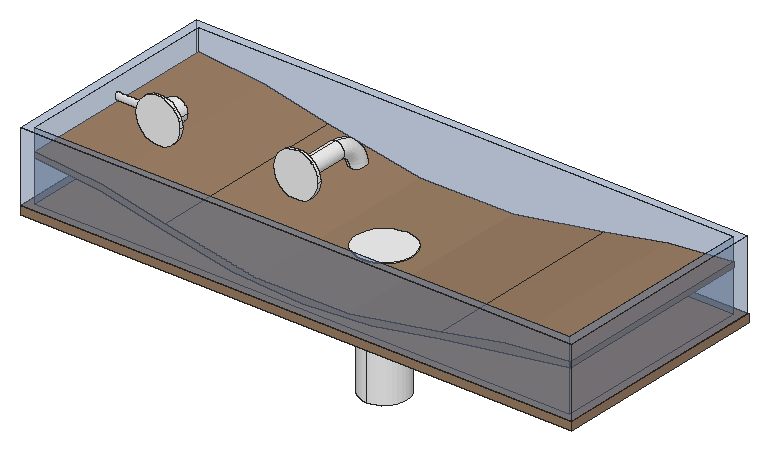
Revit family
Parameters (values of type "1000mm x 400mm")
  Verre = Verre - Bleu givré
  Robinetterie et tuyauterie = Métal - Chrome
  Manufacturer = ""
  Lavabos = Bois - Teck
  Hauteur = 900 mm
Reference planes
  plane 1 "Mur": y = 0
  plane 2 "Centre (gauche/droite)": x = 12.455
  plane 3 "Arrière": y = 75
  plane 4 "Plan de construction": z = 900
  plane 5: x = -487.545
  plane 6: x = 512.455
  plane 7: z = 1140
  plane 8: y = 275
  plane 9: x = -237.545
  plane 10: x = 262.455
  plane 11: y = 475
  plane 12: z = 933.521
  plane 13: z = 923.521
  plane 14: z = 1000
  plane 15: z = 990.007
  plane 16: x = -472.545
  plane 17: x = 497.828
  plane 18: y = 460
  plane 19: y = 90
  plane 20: x = 380.142
  plane 21: x = 137.455
  plane 22: x = -112.545
  plane 23: x = -355.045
  plane 24: z = 989.15
  plane 25: z = 979.229
  plane 26: z = 941.415
  plane 27: z = 931.335
Forms (mm)
  Extrusion 1, solid, material "Verre - Bleu givré" <- "Verre"
    sketch origin (0, 0, 900) x (0, 1, 0) y (-1, 0, 0)
      loop
        line (75, 487.545) -> (75, -512.455) -> (475, -512.455) -> (475, 487.545) -> (75, 487.545)
      loop
        line (460, 472.545) -> (90, 472.545) -> (90, -497.455) -> (460, -497.455) -> (460, 472.545)
    from 13.572 to 140
  Extrusion 2, solid, material "Bois - Teck" <- "Lavabos"
    sketch origin (0, 0, 900) x (0, 1, 0) y (-1, 0, 0)
      loop
        line (475, 487.545) -> (75, 487.545) -> (75, -512.455) -> (475, -512.455) -> (475, 487.545)
    from 0 to 13.572
  Extrusion 3, solid, material "Métal - Chrome" <- "Robinetterie et tuyauterie"
    sketch origin (0, 0, 913.572) x (0, 1, 0) y (-1, 0, 0)
      loop
        circle (275, -12.455) r 50
    from 23.241 to 0
  Sweep 4, solid, material "Métal - Chrome" <- "Robinetterie et tuyauterie"
    path origin (0, 0, 0) x (1, 0, 0) y (0, 0, 1)
      loop
        line (12.455, 900) -> (12.455, 700)
    profile origin (12.455, 0, 800) x (0, -1, 0) y (1, 0, 0)
      loop
        circle (-275, 0) r 40
  Extrusion 5, solid, material "Métal - Chrome" <- "Robinetterie et tuyauterie"
    sketch origin (-5000, 75, 0) x (-1, 0, 0) y (0, 0, 1)
      loop
        circle (-5012.455, 1140) r 40
    from 0 to 5
  Sweep 6, solid, material "Métal - Chrome" <- "Robinetterie et tuyauterie"
    path origin (12.455, 0, 0) x (0, 1, 0) y (0, 0, 1)
      loop
        line (80, 1140) -> (165, 1140)
        arc (165, 1140) -> (197.121, 1128.383) -> (214.381, 1098.908) r 50.217
    profile origin (12.455, 122.5, 1140) x (0, 0, 1) y (1, 0, 0)
      loop
        circle (0, 0) r 15
  Extrusion 7, solid, material "Métal - Chrome" <- "Robinetterie et tuyauterie"
    sketch origin (-5000, 75, 0) x (-1, 0, 0) y (0, 0, 1)
      loop
        circle (-4762.455, 1140) r 40
    from 0 to 5
  Extrusion 8, solid, material "Métal - Chrome" <- "Robinetterie et tuyauterie"
    sketch origin (-5000, 80, 0) x (-1, 0, 0) y (0, 0, 1)
      loop
        circle (-4762.455, 1140) r 20
    from 0 to 36.076
  Sweep 9, solid, material "Métal - Chrome" <- "Robinetterie et tuyauterie"
    path origin (-5000, 75, 0) x (-1, 0, 0) y (0, 0, 1)
      loop
        line (-4762.455, 1140) -> (-4672.455, 1140)
    profile origin (-282.545, 75, 1140) x (0, 0, 1) y (0, 1, 0)
      loop
        spline (-7.06, 20) -> (-6.819, 19.167) -> (-6.114, 18.391) -> (-4.992, 17.725) -> (-3.53, 17.213) -> (-1.827, 16.892) -> (0, 16.782) -> (1.827, 16.892) -> (3.53, 17.213) -> (4.992, 17.725) -> (6.114, 18.391) -> (6.819, 19.167) -> (7.06, 20)
        spline (7.06, 20) -> (6.819, 20.833) -> (6.114, 21.609) -> (4.992, 22.275) -> (3.53, 22.787) -> (1.827, 23.108) -> (0, 23.218) -> (-1.827, 23.108) -> (-3.53, 22.787) -> (-4.992, 22.275) -> (-6.114, 21.609) -> (-6.819, 20.833) -> (-7.06, 20)
  Extrusion 10, solid, material "Bois - Teck" <- "Lavabos"
    sketch origin (-5000, 75, 0) x (-1, 0, 0) y (0, 0, 1)
      loop
        arc (-4762.455, 965.485) -> (-5012.455, 932.871) -> (-5262.455, 965.485) r 974.488
        arc (-5262.455, 965.485) -> (-5379.158, 989.451) -> (-5497.828, 1000.012) r 1047.547
        line (-5497.828, 1000.012) -> (-5497.828, 990)
        arc (-5497.828, 990) -> (-5379.271, 978.459) -> (-5262.455, 955.156) r 1193.216
        arc (-5262.455, 955.156) -> (-5138.413, 931.768) -> (-5012.455, 923.521) r 1044.091
        arc (-5012.455, 923.521) -> (-4886.419, 931.153) -> (-4762.455, 955.156) r 966.246
        arc (-4762.455, 955.156) -> (-4645.909, 979.012) -> (-4527.455, 989.993) r 1087.257
        line (-4527.455, 989.993) -> (-4527.455, 1000)
        arc (-4527.455, 1000) -> (-4645.936, 989.424) -> (-4762.455, 965.485) r 1047.547
    from 15 to 385
Cuts and joins
  joined: Extrusion 7, Extrusion 8, Sweep 9
Lines and regions (mm)
  Masking region 1
    outline origin (0, 0, 900) x (0, 1, 0) y (-1, 0, 0)
      loop
        line (475, 487.545) -> (75, 487.545) -> (75, -512.455) -> (475, -512.455) -> (475, 487.545)
  symbolic lines
    curve 1: line (-472.545, 90, 900) -> (-472.545, 460, 900)
    curve 2: line (-472.545, 460, 900) -> (497.455, 460, 900)
    curve 3: line (497.455, 460, 900) -> (497.455, 90, 900)
    curve 4: line (497.455, 90, 900) -> (27.455, 90, 900)
    curve 5: arc (12.455, 235, 900) -> (52.455, 275, 900) -> (12.455, 315, 900) r 40
    curve 6: arc (12.455, 315, 900) -> (-27.545, 275, 900) -> (12.455, 235, 900) r 40
    curve 7: spline (-2.545, 214.381, 900) -> (-2.034, 218.199, 900) -> (-0.535, 221.756, 900) -> (1.848, 224.811, 900) -> (4.955, 227.155, 900) -> (8.573, 228.629, 900) -> (12.455, 229.131, 900) -> (16.337, 228.629, 900) -> (19.955, 227.155, 900) -> (23.062, 224.811, 900) -> (25.445, 221.756, 900) -> (26.944, 218.199, 900) -> (27.455, 214.381, 900)
    curve 8: line (-277.545, 80, 900) -> (-197.545, 80, 900)
    curve 9: line (-257.545, 116.076, 900) -> (-217.545, 116.076, 900)
    curve 10: line (-327.545, 91.782, 900) -> (-327.545, 98.218, 900)
    curve 11: line (-27.545, 80, 900) -> (52.455, 80, 900)
    curve 12: line (-257.545, 116.076, 900) -> (-257.545, 80, 900)
    curve 13: line (-217.545, 116.076, 900) -> (-217.545, 80, 900)
    curve 14: line (-277.545, 80, 900) -> (-277.545, 75, 900)
    curve 15: line (-197.545, 80, 900) -> (-197.545, 75, 900)
    curve 16: line (-327.545, 91.782, 900) -> (-257.545, 91.782, 900)
    curve 17: line (-327.545, 98.218, 900) -> (-257.545, 98.218, 900)
    curve 18: line (-27.545, 80, 900) -> (-27.545, 75, 900)
    curve 19: line (52.455, 80, 900) -> (52.455, 75, 900)
    curve 20: line (-2.545, 214.381, 900) -> (-2.545, 80, 900)
    curve 21: line (27.455, 214.381, 900) -> (27.455, 80, 900)
    curve 22: line (-2.545, 90, 900) -> (-217.545, 90, 900)
    curve 23: line (-257.545, 90, 900) -> (-472.545, 90, 900)
Text (mm)
  text "Côté de la mise en place" at (-2062.943, 1435.449, 0), in view "Niveau de réf."
  text "Côté de la mise en place" at (0, 1409.804, 2854.306), in view "Gauche"
  text "Côté de la mise en place" at (0, 499.811, 2980.732), in view "Droite"
Dimensions and locks
  locked: plane 3 "Arrière" to host wall
  plane 5 to plane 6 = 1000 mm
  "Hauteur": level to plane 4 "Plan de construction"
  locked: plane 4 "Plan de construction" to plane 7 at 240
  locked: plane 6 to plane 17 at 14.627
  locked: plane 4 "Plan de construction" to plane 14 at 100
  locked: plane 15 to plane 14 at 9.993
  locked: plane 4 "Plan de construction" to plane 13 at 23.521
  plane 13 to plane 12 = 10 mm
  locked: plane 16 to plane 5 at 15
  locked: plane 11 to plane 18 at 15
  locked: plane 3 "Arrière" to plane 19 at 15
  equal spacing: plane 5, plane 9, plane 2 "Centre (gauche/droite)", plane 10, plane 6
  equal spacing: plane 17, plane 20, plane 10
  equal spacing: plane 10, plane 21, plane 2 "Centre (gauche/droite)"
  equal spacing: plane 2 "Centre (gauche/droite)", plane 22, plane 9
  equal spacing: plane 9, plane 23, plane 16
  locked: plane 25 to plane 24 at 9.921
  locked: plane 24 to plane 14 at 10.85
  plane 27 to plane 26 = 10.079 mm
  aligned and locked: plane 1 "Mur" to host wall
  aligned and locked: Extrusion 3 to Extrusion 2
  aligned and locked: Masking region 1 sketch curve to Extrusion 1  (x4)
  aligned and locked: curve 1 to Extrusion 1
  aligned and locked: curve 2 to Extrusion 1
  aligned and locked: curve 3 to Extrusion 1
  aligned and locked: curve 4 to Extrusion 1
  aligned and locked: curve 5 to Sweep 4
  aligned and locked: curve 6 to Sweep 4
  aligned and locked: curve 8 to cut or joined group of Extrusion 7, Extrusion 8, Sweep 9
  aligned and locked: curve 9 to cut or joined group of Extrusion 7, Extrusion 8, Sweep 9
  aligned and locked: curve 10 to cut or joined group of Extrusion 7, Extrusion 8, Sweep 9
  aligned and locked: curve 11 to Extrusion 5
  aligned and locked: plane 11 to Extrusion 1
  aligned and locked: Extrusion 10 sketch curve to plane 17
  aligned and locked: plane 18 to Extrusion 10
  aligned and locked: plane 19 to Extrusion 10
Automatic sketch dimensions
  host wall to Extrusion 2 sketch curve = 0 mm
  plane 5 to Extrusion 2 sketch curve = 0 mm
  Extrusion 2 sketch curve to plane 8 = 200 mm
  Extrusion 2 sketch curve to plane 6 = 0 mm
  Extrusion 3 sketch curve to plane 2 "Centre (gauche/droite)" = 0 mm
  Extrusion 3 sketch curve to plane 8 = 0 mm
  Sweep 4 sketch curve to profile plane = 0 mm
  Sweep 4 sketch curve to plane 1 "Mur" = 275 mm
  Sweep 4 sketch curve to plane 2 "Centre (gauche/droite)" = 0 mm
  Sweep 4 sketch curve to plane 4 "Plan de construction" = 0 mm
  Sweep 4 sketch curve to Sweep 4 sketch curve = 200 mm
  Extrusion 5 sketch curve to plane 2 "Centre (gauche/droite)" = 0 mm
  Extrusion 5 sketch curve to plane 7 = 0 mm
  Sweep 6 sketch curve to plane 7 = 0 mm
  Sweep 6 sketch curve to plane 3 "Arrière" = 5 mm
  Sweep 6 sketch curve to plane 3 "Arrière" = 90 mm
  plane 7 to Sweep 6 sketch curve = 41.092 mm
  Sweep 6 sketch curve to Sweep 6 sketch curve = 49.381 mm
  Sweep 6 sketch curve to plane 2 "Centre (gauche/droite)" = 0 mm
  Sweep 6 sketch curve to profile plane = 0 mm
  Extrusion 7 sketch curve to plane 7 = 0 mm
  Extrusion 7 sketch curve to plane 9 = 0 mm
  Extrusion 8 sketch curve to plane 7 = 0 mm
  Extrusion 8 sketch curve to plane 9 = 0 mm
  Sweep 9 sketch curve to plane 7 = 0 mm
  Sweep 9 sketch curve to plane 9 = 0 mm
  Sweep 9 sketch curve to plane 9 = 90 mm
  Sweep 9 sketch curve to profile plane = 0 mm
  profile plane to Sweep 9 sketch curve = 20 mm
  Extrusion 1 sketch curve to host wall = 0 mm
  Extrusion 1 sketch curve to plane 6 = 0 mm
  Extrusion 1 sketch curve to plane 5 = 0 mm
  host wall to Extrusion 1 sketch curve = 15 mm
  plane 5 to Extrusion 1 sketch curve = 15 mm
  Extrusion 1 sketch curve to plane 8 = 185 mm
  Extrusion 1 sketch curve to Extrusion 1 sketch curve = 15 mm
  Extrusion 1 sketch curve to plane 6 = 15 mm
  curve 14 to host wall = 0 mm
  curve 15 to host wall = 0 mm
  curve 19 to host wall = 0 mm
  curve 18 to host wall = 0 mm
  curve 7 to plane 2 "Centre (gauche/droite)" = 0 mm
  curve 14 to curve 8 = 5 mm
  host wall to curve 21 = 5 mm
  host wall to curve 1 = 15 mm
  host wall to curve 16 = 16.782 mm
  curve 10 to curve 17 = 6.436 mm
  curve 17 to curve 12 = 17.858 mm
  curve 7 to curve 6 = 20.619 mm
  plane 5 to curve 1 = 15 mm
  curve 1 to plane 8 = 185 mm
  curve 19 to curve 21 = 25 mm
  curve 4 to plane 6 = 15 mm
  curve 20 to curve 18 = 25 mm
  plane 9 to curve 15 = 40 mm
  plane 9 to curve 9 = 20 mm
  curve 17 to plane 9 = 20 mm
  curve 12 to curve 14 = 20 mm
  curve 8 to curve 16 = 50 mm
  host wall to curve 3 = 15 mm
  curve 22 to plane 2 "Centre (gauche/droite)" = 15 mm
  curve 20 to curve 22 = 10 mm
  Extrusion 10 sketch curve to plane 10 = 0 mm  (x4)
  Extrusion 10 sketch curve to plane 2 "Centre (gauche/droite)" = 0 mm  (x3)
  Extrusion 10 sketch curve to plane 9 = 0 mm  (x4)
  Extrusion 10 sketch curve to plane 16 = 0 mm
  Extrusion 10 sketch curve to plane 13 = 0 mm
  Extrusion 10 sketch curve to plane 14 = 0 mm
  plane 6 to Extrusion 10 sketch curve = 18.743 mm
  plane 6 to Extrusion 10 sketch curve = 41.553 mm
  Extrusion 10 sketch curve to plane 2 "Centre (gauche/droite)" = 4.734 mm
  Extrusion 10 sketch curve to plane 2 "Centre (gauche/droite)" = 5.116 mm
  Extrusion 10 sketch curve to plane 5 = 18.743 mm
  Extrusion 10 sketch curve to plane 5 = 25.982 mm
  Extrusion 10 sketch curve to level = 47.003 mm
  Extrusion 10 sketch curve to Extrusion 10 sketch curve = 49.488 mm
  radius of Extrusion 3 sketch curve = 50 mm
  radius of Sweep 4 sketch curve = 40 mm
  radius of Extrusion 5 sketch curve = 40 mm
  radius of Sweep 6 sketch curve = 15 mm
  radius of Extrusion 7 sketch curve = 40 mm
  radius of Extrusion 8 sketch curve = 20 mm
